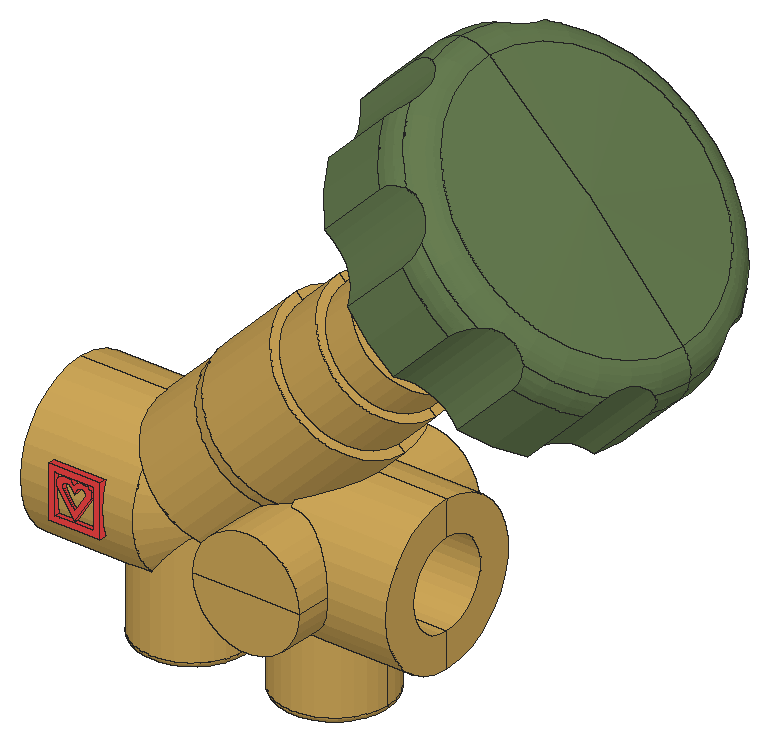
Revit family "HERZ Strömax 4125 AWD", category Rohrzubehör, Revit 2020
Family settings
  Bemaßung runder Anschluss = Durchmesser verwenden
  Teiletyp = Unterbricht
  OmniClass-Nummer = 23.65.55.14
  OmniClass-Titel = Valves for Liquid Services
  Arbeitsebenenbasiert = Nein
  Immer vertikal = Ja
  Beim Laden mit Abzugskörper schneiden = Nein
  Gemeinsam genutzt = Nein
Parameters
  W01 = 45.00°  # constant formula
  Vorgabe-Ansicht = 0.000 mm
  URL = "www.herzvalves.com"
  Technically possible use = " "  # constant formula
  Spindle = "forged brass CW617N"  # constant formula
  SW01 = 60.00°  # constant formula
  SC_NennweiteBerechnet = 0
  SC_Dimension = ""
  SCTWSEQ = "FW;SBT_TYP_FW=\"109\";2"
  SCTWCODE = "04;00;02"  # constant formula
  S03 = 60.000 mm  # constant formula
  S02 [instance] = L06 + L09 + L12 + L15  # 77.900 mm
  S01 [instance] = R01 * 2  # 27.000 mm
  R12 [instance] = R01 - 1.000 mm  # 12.500 mm
  R11 [instance] = size_lookup("4125AWD_", "R11", 46.500 mm, Nennweite)  # 5.100 mm
  R100 = 1.000 mm  # constant formula
  R10 [instance] = size_lookup("4125AWD_", "R10", 46.500 mm, Nennweite)  # 8.000 mm
  R09 [instance] = size_lookup("4125AWD_", "R9", 46.500 mm, Nennweite)  # 10.500 mm
  R08 [instance] = size_lookup("4125AWD_", "R8", 46.500 mm, Nennweite)  # 12.000 mm
  R07 [instance] = size_lookup("4125AWD_", "R7", 46.500 mm, Nennweite)  # 13.500 mm
  R06 [instance] = size_lookup("4125AWD_", "R6", 43.000 mm, Nennweite)  # 13.000 mm
  R05 [instance] = Nennweite / 2  # 7.500 mm
  R04 [instance] = size_lookup("4125AWD_", "R4", 11.500 mm, Nennweite)  # 9.500 mm
  R03 = 9.500 mm  # constant formula
  R02 [instance] = Nennweite / 2  # 7.500 mm
  R01 [instance] = size_lookup("4125AWD_", "R1", 11.500 mm, Nennweite)  # 13.500 mm
  Part number [instance] = size_lookup("4125AWD_", "Artnr", 0, Nennweite)  # 2412571
  Upper part = "DZR brass CW626N"  # constant formula
  Note = "Pursuant to Article 33 of the REACH Regulation (EC No. 1907/2006), we are obliged to point out that the material lead is listed on the SVHC list and that all brass components manufactured in our products exceed 0.1% (w / w) lead (CAS: 7439-92-1 / EINECS: 231-100-4).\r\nSince lead is a component part of an alloy, actual exposure is not possible and therefore no additional information on safe use is necessary."
  Nennweite [instance] = 15.000 mm
  Min. flow at Dp 10 kPa [instance] = if(Nennweite = 15.000 mm, 0.5 L/s, if(Nennweite = 20.000 mm, 1.0 L/s, if(Nennweite = 25.000 mm, 1.75 L/s, if(Nennweite = 32.000 mm, 3.0 L/s, if(Nennweite = 40.000 mm, 4.0 L/s, if(Nennweite = 50.000 mm, 6.75 L/s, if(Nennweite = 65.000 mm, 11.0 L/s, if(Nennweite = 80.000 mm, 16.0 L/s, 0.0 L/s))))))))  # 0.5 L/s
  Medium = "Water"  # constant formula
  Max. operating temperature = 80 °C  # constant formula
  Max. operating pressure = 2000000.0 Pa  # constant formula
  Max. service temperature (ÖVGW) = 65 °C  # constant formula
  Max. differential pressure on closed seat = 1000000.0 Pa  # constant formula
  Max. operating pressure (ÖVGW) = 1000000.0 Pa  # constant formula
  L16 [instance] = L01 / 2  # 10.000 mm
  L15 [instance] = size_lookup("4125AWD_", "L15", 12.400 mm, Nennweite)  # 12.400 mm
  L14 [instance] = size_lookup("4125AWD_", "L14", 81.000 mm, Nennweite)  # 6.000 mm
  L12 [instance] = size_lookup("4125AWD_", "L12", 81.000 mm, Nennweite)  # 26.000 mm
  L11 [instance] = size_lookup("4125AWD_", "L11", 60.000 mm, Nennweite)  # 6.700 mm
  L10 [instance] = size_lookup("4125AWD_", "L10", 20.000 mm, Nennweite)  # 9.300 mm
  L09 [instance] = size_lookup("4125AWD_", "L9", 11.000 mm, Nennweite)  # 17.000 mm
  L08 [instance] = size_lookup("4125AWD_", "L8", 35.000 mm, Nennweite)  # 20.000 mm
  L07 [instance] = size_lookup("4125AWD_", "L7", 35.000 mm, Nennweite)  # 12.500 mm
  L06 [instance] = size_lookup("4125AWD_", "L6", 118.000 mm, Nennweite) - L09  # 22.500 mm
  L05 [instance] = size_lookup("4125AWD_", "L5", 44.000 mm, Nennweite)  # 20.500 mm
  L04 [instance] = size_lookup("4125AWD_", "L4", 45.000 mm, Nennweite)  # 19.500 mm
  L03 = 15.000 mm  # constant formula
  L02 [instance] = size_lookup("4125AWD_", "L2", 22.000 mm, Nennweite)  # 6.000 mm
  L01 [instance] = size_lookup("4125AWD_", "L1", 48.000 mm, Nennweite)  # 20.000 mm
  L00 [instance] = size_lookup("4125AWD_", "L", 180.000 mm, Nennweite)  # 65.000 mm
  Plug = "DZR brass CW626N"  # constant formula
  Hersteller = "HERZ Armaturen Ges.m.b.H."  # constant formula
  Hand wheel = "plastic, green"  # constant formula
  H01 [instance] = size_lookup("4125AWD_", "H1", 53.000 mm, Nennweite)  # 24.000 mm
  Occasional temperature rises = "up to 95°C, if they do not last longer than 1 h"  # constant formula
  Seals = "EPDM"  # constant formula
  DN80 [instance] = Nennweite = 80.000 mm  # no
  DN65 [instance] = Nennweite = 65.000 mm  # no
  DN50 [instance] = Nennweite = 50.000 mm  # no
  DN40 [instance] = Nennweite = 40.000 mm  # no
  DN32 [instance] = Nennweite = 32.000 mm  # no
  DN25 [instance] = Nennweite = 25.000 mm  # no
  DN20 [instance] = Nennweite = 20.000 mm  # no
  DN15 [instance] = Nennweite = 15.000 mm  # yes
  Body = "DZR brass CC770S"  # constant formula
  Application = "For shutting off drinking water pipes in buildings."
Reference planes
  plane 1 "Mitte (Vorne/hinten)": y = 0
  plane 2: z = 0
  plane 3 "Mitte (Links/rechts)": x = 0
Forms (mm)
  Revolve 1, solid, material "Messing, weicher Gelbton, geschweißt", detail levels fine
    sketch origin (470, 0, 0) x (1, 0, 0) y (0, 0, 1)
      loop
        line (-502.5, 7.5) -> (-487.5, 7.5) -> (-487.5, 0) -> (-452.5, 0) -> (-452.5, 7.5) -> (-437.5, 7.5) -> (-437.5, 13.5) -> (-457.5, 13.5) -> (-464, 7.5) -> (-476, 7.5) -> (-482.5, 13.5) -> (-502.5, 13.5) -> (-502.5, 7.5)
      axis (-502.5, 0) -> (-437.5, 0)
    angle from 0 to 360
  Revolve 2, solid, material "Messing, weicher Gelbton, geschweißt", detail levels fine
    sketch origin (470, 0, 0) x (1, 0, 0) y (0, 0, 1)
      loop
        line (-492, 0) -> (-492, -23)
        arc (-492, -23) -> (-491.707, -23.707) -> (-491, -24) r 1
        line (-491, -24) -> (-482.5, -24) -> (-482.5, 0) -> (-492, 0)
      axis (-482.5, 0) -> (-482.5, -24)
    angle from 0 to 360
  Revolve 3, solid, material "Messing, weicher Gelbton, geschweißt", detail levels fine
    sketch origin (0, 0, 0) x (1, 0, 0) y (0, 1, 0)
      loop
        line (12.5, -19.5) -> (22, -19.5) -> (22, 20.5) -> (12.5, 20.5) -> (12.5, -19.5)
      axis (12.5, -19.5) -> (12.5, 20.5)
    angle from 0 to 360
  Revolve 4, solid, material "Messing, weicher Gelbton, geschweißt", detail levels fine
    sketch origin (-470, 0, 0) x (-1, 0, 0) y (0, 0, 1)
      loop
        line (-492, 0) -> (-492, -23)
        arc (-492, -23) -> (-491.707, -23.707) -> (-491, -24) r 1
        line (-491, -24) -> (-482.5, -24) -> (-482.5, 0) -> (-492, 0)
      axis (-482.5, 0) -> (-482.5, -24)
    angle from 0 to 360
  Revolve 5, solid, material "Messing, weicher Gelbton, geschweißt", detail levels fine
    sketch origin (0.32, 0, -0.105) x (1, 0, 0) y (0, 0, 1)
      loop
        line (-12.82, 0) -> (42.264, 55.084) -> (38.657, 58.69) -> (29.889, 49.922) -> (27.839, 51.972) -> (20.767, 44.901) -> (19, 46.669) -> (14.262, 41.931) -> (13.201, 42.992) -> (6.625, 36.416) -> (5.565, 37.477) -> (-6.456, 25.456) -> (-7.87, 23.335) -> (-17.77, 13.435) -> (-18.123, 5.303) -> (-12.82, 0)
      axis (-12.82, 0) -> (42.264, 55.084)
    angle from 0 to 360
Lines and regions (mm)
  model lines, detail levels coarse+medium
    curve 1: line (-32.5, 0, 13.5) -> (-32.5, 0, -13.5)
    curve 2: line (-32.5, 0, -13.5) -> (32.5, 0, 13.5)
    curve 3: line (32.5, 0, 13.5) -> (32.5, 0, -13.5)
    curve 4: line (32.5, 0, -13.5) -> (-32.5, 0, 13.5)
    curve 5: line (0, 0, 0) -> (38.95, 0, 67.463)
    curve 6: line (12.969, 0, 82.463) -> (64.931, 0, 52.463)
    curve 7: line (-32.5, -13.5, 0) -> (-32.5, 13.5, 0)
    curve 8: line (-32.5, 13.5, 0) -> (32.5, -13.5, 0)
    curve 9: line (32.5, -13.5, 0) -> (32.5, 13.5, 0)
    curve 10: line (32.5, 13.5, 0) -> (-32.5, -13.5, 0)
    curve 11: line (0, 0, 0) -> (38.95, 67.463, 0)
    curve 12: line (12.969, 82.463, 0) -> (64.931, 52.463, 0)
Dimensions and locks
  "H01": plane 2 to Revolve 2 sketch curve
  "L00": Revolve 1 sketch curve to Revolve 1 sketch curve
  equal spacing: Revolve 1 sketch curve, plane 3 "Mitte (Links/rechts)", Revolve 1 sketch curve
  "R01": Revolve 1 sketch curve to Revolve 1 sketch curve  (x2)
  "R02": Revolve 1 sketch curve to Revolve 1 sketch curve  (x3)
  "L01": Revolve 1 sketch curve to Revolve 1 sketch curve  (x2)
  "L02": plane 3 "Mitte (Links/rechts)" to Revolve 1 sketch curve
  "L02": Revolve 1 sketch curve to plane 3 "Mitte (Links/rechts)"
  "L03": Revolve 1 sketch curve to Revolve 1 sketch curve  (x2)
  "L01": Revolve 1 to Revolve 2 sketch curve
  "R03": Revolve 2 sketch curve to Revolve 2 sketch curve
  "L01": Revolve 4 sketch curve to Revolve 1
  "R03": Revolve 4 sketch curve to Revolve 4 sketch curve
  "H01": plane 2 to Revolve 4 sketch curve
  "L04": Revolve 3 sketch curve to plane 1 "Mitte (Vorne/hinten)"
  "L05": plane 1 "Mitte (Vorne/hinten)" to Revolve 3 sketch curve
  "R04": Revolve 3 sketch curve to Revolve 3 sketch curve
  "L01": Revolve 3 sketch curve to Revolve 1
  "R07": Revolve 5 sketch curve to Revolve 5 sketch curve
  "L07": plane 3 "Mitte (Links/rechts)" to Revolve 5 sketch curve
  "R05": Revolve 5 sketch curve to Revolve 5 sketch curve
  "L06": Revolve 5 sketch curve to Revolve 5 sketch curve
  "L08": Revolve 5 sketch curve to Revolve 5 sketch curve
  "R06": Revolve 5 sketch curve to Revolve 5 sketch curve
  "L14": Revolve 5 sketch curve to Revolve 5 sketch curve
  "L09": Revolve 5 sketch curve to Revolve 5 sketch curve
  "R08": Revolve 5 sketch curve to Revolve 5 sketch curve
  "L10": Revolve 5 sketch curve to Revolve 5 sketch curve
  "R09": Revolve 5 sketch curve to Revolve 5 sketch curve
  "R10": Revolve 5 sketch curve to Revolve 5 sketch curve
  "L12": Revolve 5 sketch curve to Revolve 5 sketch curve
  "R11": Revolve 5 sketch curve to Revolve 5 sketch curve
  "L15": Revolve 5 sketch curve to Revolve 5 sketch curve
  "L11": Revolve 5 sketch curve to Revolve 5 sketch curve
  "R12": nested 9 to plane 1 "Mitte (Vorne/hinten)"
  "L16": Revolve 1 to nested 9
  equal spacing: curve 1, plane 3 "Mitte (Links/rechts)", curve 3
  "L00": curve 1 to curve 3
  equal spacing: curve 4, plane 2, curve 2
  "S01": curve 4 to curve 1
  "S01": curve 3 to curve 4
  equal spacing: curve 3, plane 2, curve 4
  "S02": curve 5 to curve 5
  equal spacing: curve 6, curve 5, curve 6
  "S03": curve 6 to curve 6
  equal spacing: curve 7, plane 3 "Mitte (Links/rechts)", curve 9
  "L00": curve 7 to curve 9
  equal spacing: curve 10, plane 1 "Mitte (Vorne/hinten)", curve 8
  "S01": curve 8 to curve 10
  equal spacing: curve 9, plane 1 "Mitte (Vorne/hinten)", curve 10
  "S01": curve 10 to curve 9
  "S02": curve 11 to curve 11
  equal spacing: curve 12, curve 11, curve 12
  "S03": curve 12 to curve 12
  "R100": radius of Revolve 2 sketch curve
  "R100": radius of Revolve 4 sketch curve
  "W01": angle plane 2 to Revolve 5 sketch curve
  "W01": angle level to Revolve 5 sketch curve
  "SW01": angle plane 2 to curve 5
  "SW01": angle plane 1 "Mitte (Vorne/hinten)" to curve 11
  aligned and locked: level to plane 2
Automatic sketch dimensions
  curve 5 to level = 0.000 mm
  plane 1 "Mitte (Vorne/hinten)" to curve 11 = 0.000 mm
  Revolve 1 sketch curve to level = 0.000 mm  (x2)
  Revolve 1 sketch curve to Revolve 1 sketch curve = 791.990 mm
  Revolve 1 sketch curve to Revolve 1 sketch curve = 2278.983 mm
  Revolve 2 sketch curve to level = 0.000 mm  (x2)
  Revolve 2 sketch curve to Revolve 2 sketch curve = 0.000 mm
  Revolve 2 sketch curve to Revolve 2 sketch curve = 0.292 mm
  Revolve 3 sketch curve to Revolve 3 sketch curve = 0.000 mm  (x3)
  Revolve 4 sketch curve to level = 0.000 mm  (x2)
  Revolve 4 sketch curve to Revolve 4 sketch curve = 0.000 mm
  Revolve 4 sketch curve to Revolve 4 sketch curve = 0.292 mm
  Revolve 5 sketch curve to level = 0.105 mm
  Revolve 5 sketch curve to Revolve 5 sketch curve = 0.000 mm  (x2)
Nested families
  nested 1: "Strömax-Handrad_Schrägsitz (Grün)" at (42.584, 0, 54.979), visible <- "DN15", type "Strömax-Handrad_Schrägsitz (Grün)", detail levels fine
    with Nennweite 0.000 mm, Gewicht 0.00 kg, Bestellnummer 0
  nested 2: "Strömax-Handrad_Schrägsitz (Grün)" at (54.312, 0, 67.707), visible <- "DN20", type "Strömax-Handrad_Schrägsitz (Grün)", detail levels fine
    with Nennweite 0.000 mm, Gewicht 0.00 kg, Bestellnummer 0
  nested 3: "Strömax-Handrad_Schrägsitz (Grün)" at (62.469, 0, 80.364), visible <- "DN25", type "Strömax-Handrad_Schrägsitz (Grün)", detail levels fine
    with Nennweite 0.000 mm, Gewicht 0.00 kg, Bestellnummer 0
  nested 4: "Strömax-Handrad_Schrägsitz (Grün)" at (71.712, 0, 91.607), visible <- "DN32", type "Strömax-Handrad_Schrägsitz (Grün)", detail levels fine
    with Nennweite 0.000 mm, Gewicht 0.00 kg, Bestellnummer 0
  nested 5: "Strömax-Handrad_Schrägsitz (Grün)" at (80.399, 0, 101.294), visible <- "DN40", type "Strömax-Handrad_Schrägsitz (Grün)", detail levels fine
    with Nennweite 0.000 mm, Gewicht 0.00 kg, Bestellnummer 0
  nested 6: "Strömax-Handrad_Schrägsitz (Grün)" at (97.83, 0, 129.225), visible <- "DN50", type "Strömax-Handrad_Schrägsitz (Grün)", detail levels fine
    with Nennweite 0.000 mm, Gewicht 0.00 kg, Bestellnummer 0
  nested 7: "Strömax-Handrad_Schrägsitz (Grün)" at (114.482, 0, 149.378), visible <- "DN65", type "Strömax-Handrad_Schrägsitz (Grün)", detail levels fine
    with Nennweite 0.000 mm, Gewicht 0.00 kg, Bestellnummer 0
  nested 8: "Strömax-Handrad_Schrägsitz (Grün)" at (140.423, 0, 183.319), visible <- "DN80", type "Strömax-Handrad_Schrägsitz (Grün)", detail levels fine
    with Nennweite 0.000 mm, Gewicht 0.00 kg, Bestellnummer 0
  nested 9: "Herz-Logo-vorne" at (-22.5, -13.232, 0) x (0, 1, 0) z (0, 0, 1), type "Herz-Logo-vorne", detail levels fine
Connectors
  piping at (-17.5, 0, 0), diameter 15, driven by "Nennweite"
    settings: on Revolve 1, index 1, connector inside diameter 609.6 mm, connector length 0.000 mm, flow factor 0, pipe flow 0.0 L/s, pressure drop 0.0 Pa, fitting loss kfactor 0, connector angle 0.00°, fixture units 0, engagement length 0.000 mm, angle of deflection 0.00°, flow configuration 0, flow direction 1, fitting loss method 0, system type 29, joint type 0, gender type 0, connector reference index -1, connector utility 0, adjustable connector no, is connector primary yes, connector description ""
  piping at (17.5, 0, 0), diameter 15, driven by "Nennweite"
    settings: on Revolve 1, index 2, connector inside diameter 609.6 mm, connector length 0.000 mm, flow factor 0, pipe flow 0.0 L/s, pressure drop 0.0 Pa, fitting loss kfactor 0, connector angle 0.00°, fixture units 0, engagement length 0.000 mm, angle of deflection 0.00°, flow configuration 0, flow direction 2, fitting loss method 0, system type 29, joint type 0, gender type 0, connector reference index -1, connector utility 0, adjustable connector no, is connector primary no, connector description ""
Definition of nested family "Strömax-Handrad_Schrägsitz (Grün)"
  Parameters (values of type "Strömax-Handrad_Schrägsitz (Grün)")
    Default Elevation = 0.000 mm
    URL = "www.herz-armaturen.at"
    Nennweite [instance] = 0.000 mm
    Manufacturer = "Herz Armaturen GmbH"  # constant formula
    Gewicht [instance] = 0.00 kg
    Bestellnummer [instance] = 0
  Reference planes
    plane 1 "Mitte (Vorne/hinten)": y = 0
    plane 2: z = 0
    plane 3 "Mitte (Links/rechts)": x = 0
  Forms (mm)
    Revolve 1, solid
      sketch origin (0, 0, 0) x (0.707107, 0, -0.707107) y (0.707107, 0, 0.707107)
        loop
          line (0, 0) -> (0, 22)
          arc (0, 22) -> (-12.15, 21.705) -> (-24.271, 20.819) r 250
          arc (-24.271, 20.819) -> (-26.831, 19.959) -> (-28.754, 18.063) r 6
          arc (-28.754, 18.063) -> (-29.682, 16.008) -> (-30, 13.776) r 8
          line (-30, 13.776) -> (-30, 0) -> (0, 0)
        axis (0, 22) -> (0, 0)
      angle from 0 to 360
    Extrusion 2, void
      sketch origin (0, 0, 0) x (0.707107, 0, -0.707107) y (0, 1, 0)
        loop
          circle (14.351, -34.645) r 10
      from 0 to 22
    Extrusion 3, void
      sketch origin (0, 0, 0) x (-0.707107, 0, 0.707107) y (0, -1, 0)
        loop
          circle (14.351, 34.645) r 10
      from 0 to 22
    Extrusion 4, void
      sketch origin (0, 0, 0) x (0, -1, 0) y (0.707107, 0, -0.707107)
        loop
          circle (14.351, 34.645) r 10
      from 0 to 22
    Extrusion 5, void
      sketch origin (0, 0, 0) x (0, 1, 0) y (-0.707107, 0, 0.707107)
        loop
          circle (14.351, -34.645) r 10
      from 0 to 22
    Extrusion 6, void
      sketch origin (0, 0, 0) x (0, -1, 0) y (0.707107, 0, -0.707107)
        loop
          circle (14.351, -34.645) r 10
      from 0 to 22
    Extrusion 7, void
      sketch origin (0, 0, 0) x (0, 1, 0) y (-0.707107, 0, 0.707107)
        loop
          circle (14.351, 34.645) r 10
      from 0 to 22
    Extrusion 8, void
      sketch origin (0, 0, 0) x (0.707107, 0, -0.707107) y (0, 1, 0)
        loop
          circle (14.351, 34.645) r 10
      from 0 to 22
    Extrusion 9, void
      sketch origin (0, 0, 0) x (-0.707107, 0, 0.707107) y (0, -1, 0)
        loop
          circle (14.351, -34.645) r 10
      from 0 to 22
  Cuts and joins
    Extrusion 2, Extrusion 3, Extrusion 4, Extrusion 5, Extrusion 6, Extrusion 7, Extrusion 8, Extrusion 9 cuts Revolve 1
  Dimensions and locks
    aligned and locked: level to plane 2
Definition of nested family "Herz-Logo-vorne"
  Parameters (values of type "Herz-Logo-vorne")
    Default Elevation = 0.000 mm
  Reference planes
    plane 1 "Mitte (Vorne/hinten)": y = 0
    plane 2: z = 0
    plane 3 "Mitte (Links/rechts)": x = 0
  Forms (mm)
    Extrusion 1, solid
      sketch origin (0.732, -0.018, 0.017) x (0, -1, 0) y (0, 0, 1)
        loop
          line (-0.018, -4.517) -> (4.482, -4.517) -> (4.482, 4.483) -> (-4.518, 4.483) -> (-4.518, -4.517) -> (-0.018, -4.517)
        loop
          line (-0.05, -3.48) -> (3.482, -3.48) -> (3.482, 3.483) -> (-3.518, 3.483) -> (-3.518, -3.48) -> (-0.05, -3.48)
        loop
          arc (-0.018, 2.383) -> (-1.543, 3.287) -> (-3.067, 2.383) r 1.738
          arc (-3.067, 2.383) -> (-3.191, 1.899) -> (-3.067, 1.415) r 1.009
          line (-3.067, 1.415) -> (-0.018, -3.281) -> (3.032, 1.415)
          arc (3.032, 1.415) -> (3.156, 1.899) -> (3.032, 2.383) r 1.009
          arc (3.032, 2.383) -> (1.507, 3.287) -> (-0.018, 2.383) r 1.738
        loop
          arc (1.885, 1.272) -> (2.005, 1.675) -> (1.885, 2.079) r 0.74
          arc (1.885, 2.079) -> (1.265, 2.416) -> (0.644, 2.079) r 0.74
          line (0.644, 2.079) -> (-0.018, 0.97) -> (-0.679, 2.079)
          arc (-0.679, 2.079) -> (-1.3, 2.416) -> (-1.921, 2.079) r 0.74
          arc (-1.921, 2.079) -> (-2.04, 1.675) -> (-1.921, 1.272) r 0.74
          line (-1.921, 1.272) -> (-0.018, -1.658) -> (1.885, 1.272)
      from 0 to 1.5
  Dimensions and locks
    aligned and locked: level to plane 2
